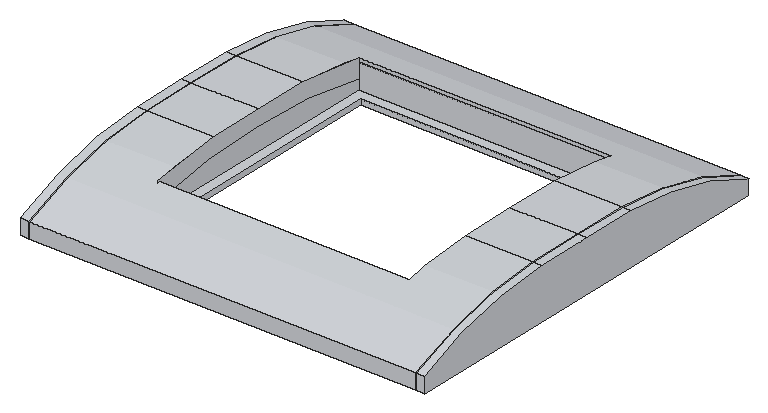
Revit family "Gira_021181", category Electrical Fixtures, host Face, Revit 2017
Family settings
  Host = Face
  Maintain Annotation Orientation = No
  Round Connector Dimension = Use Diameter
  Part Type = Normal
  Cut with Voids When Loaded = No
  Shared = No
  Room Calculation Point = No
Parameters (values of type "Cov.fr. 1-g interm.fr. CAl Gira Event anthra.")
  With mounting grid = "No"
  With hinged lid = "No"
  URL = "http://katalog.gira.de/en/datenblatt.html?artikelnr=021181"
  Type of fastening = "Clamp mounting"
  Transparent = "No"
  Surface protection = "Other"
  Suitable for wall duct = "No"
  Suitable for flush-mounted installation = "Yes"
  Suitable for floor box = "No"
  Suitable for built-in installation = "No"
  Number of units vertical = "1"
  Number of units horizontal = "1"
  Number of units = "1"
  Name = "Cov.fr. 1-g interm.fr. CAl Gira Event anthra."
  Mounting direction = "Horizontal and vertical"
  Material quality = "Thermoplastic"
  Material = "Plastic"
  Manufacturer URL = "https://www.gira.de/"
  Manufacturer = "Gira"
  Label space/information surface = "No"
  Keynote = ""
  HeinzeBIM = "https://bimportal.heinze.de/bim/cov-fr-1-g-interm-fr-cal-gira-event-anthra-/a46dd31be99142b111363a6503e4e1d2543618ad"
  Halogen free = "Yes"
  HAN = "021181"
  GTIN = "4010337211815"
  Description = "Cov.fr.1g i.fr.CAl Event AN,Gira Event frames,anthracite with colour aluminium intermediate frame,1-gang,Features:,- Shatter-proof."
  Degree of protection (IP) = "IP20"
  Default Elevation = 1219.2 mm
  Data sheet (1) = "https://katalog.gira.de/en/download.html?artikelnr=021181"
  Colour = "Anthracite"
  Category = "Cover frame for domestic switching devices"
  BIM (1) = "https://media.stage.bim.site/public/gira/36a6b08/Event_Rahmen_1fach.rfa"
  Available = "No"
Reference planes
  plane 1 "Center (Front/Back)": y = 0
  plane 2: z = 0
  plane 3 "Center (Left/Right)": x = 0
Forms (mm)
  Extrusion 1, solid, detail levels fine
    sketch origin (0, 0, 1.55) x (0, 1, 0) y (0, 0, 1)
      loop
        arc (12.445, 9.683) -> (6.223, 9.833) -> (0, 9.85) r 291.636
        arc (0, 9.85) -> (-6.223, 9.833) -> (-12.445, 9.683) r 291.636
        arc (-12.445, 9.683) -> (-29.14, 7.482) -> (-45, 1.823) r 79.728
        line (-45, 1.823) -> (-45, -1.55) -> (-41.777, -1.55) -> (-41.777, -0.55)
        arc (-41.777, -0.55) -> (-21.205, 4.846) -> (0, 6.467) r 118.15
        arc (0, 6.467) -> (21.205, 4.846) -> (41.777, -0.55) r 118.15
        line (41.777, -0.55) -> (41.777, -1.55) -> (45, -1.55) -> (45, 1.823)
        arc (45, 1.823) -> (29.14, 7.482) -> (12.445, 9.683) r 79.728
    from -43 to 43
  Extrusion 2, void, detail levels fine
    sketch origin (0, 0, 0) x (1, 0, 0) y (0, 1, 0)
      loop
        line (-28, -28) -> (28, -28) -> (28, 28) -> (-28, 28) -> (-28, -28)
    from 2.85 to 12
  Extrusion 3, solid, detail levels coarse
    sketch origin (0, 0, 0) x (1, 0, 0) y (0, 1, 0)
      loop
        line (-45, 45) -> (-45, -45) -> (45, -45) -> (45, 45) -> (-45, 45)
    from 0 to 11.4
  Extrusion 4, solid, detail levels medium
    sketch origin (0, 0, 1.55) x (0, 1, 0) y (0, 0, 1)
      loop
        arc (12.445, 9.683) -> (6.223, 9.833) -> (0, 9.85) r 291.636
        arc (0, 9.85) -> (-6.223, 9.833) -> (-12.445, 9.683) r 291.636
        arc (-12.445, 9.683) -> (-29.14, 7.482) -> (-45, 1.823) r 79.728
        line (-45, 1.823) -> (-45, -1.55) -> (45, -1.55) -> (45, 1.823)
        arc (45, 1.823) -> (29.14, 7.482) -> (12.445, 9.683) r 79.728
    from -45 to 45
  Extrusion 5, solid, detail levels fine
    sketch origin (0, 0, 0) x (0, 1, 0) y (0, 0, 1)
      loop
        arc (45, 3.373) -> (29.14, 9.032) -> (12.445, 11.233) r 79.728
        arc (12.445, 11.233) -> (6.223, 11.383) -> (0, 11.4) r 291.636
        arc (0, 11.4) -> (-6.223, 11.383) -> (-12.445, 11.233) r 291.636
        arc (-12.445, 11.233) -> (-29.14, 9.032) -> (-45, 3.373) r 79.728
        line (-45, 3.373) -> (-45, 0) -> (45, 0) -> (45, 3.373)
    from 43 to 45
  Extrusion 6, solid, detail levels fine
    sketch origin (0, 0, 0) x (0, 1, 0) y (0, 0, -1)
      loop
        line (45, -3.373) -> (45, 0) -> (-45, 0) -> (-45, -3.373)
        arc (-45, -3.373) -> (-29.14, -9.032) -> (-12.445, -11.233) r 79.728
        arc (-12.445, -11.233) -> (-6.223, -11.383) -> (0, -11.4) r 291.636
        arc (0, -11.4) -> (6.223, -11.383) -> (12.445, -11.233) r 291.636
        arc (12.445, -11.233) -> (29.14, -9.032) -> (45, -3.373) r 79.728
    from 43 to 45
  Extrusion 7, solid, detail levels fine
    sketch origin (0, 0, 0) x (1, 0, 0) y (0, 1, 0)
      loop
        line (-25.7, 25.7) -> (-25.7, -25.7) -> (25.7, -25.7) -> (25.7, 25.7) -> (-25.7, 25.7)
      loop
        line (-29.495, 27.895) -> (-29.495, -27.895)
        spline (-29.495, -27.895) -> (-29.486, -28.025) -> (-29.461, -28.154) -> (-29.419, -28.278) -> (-29.361, -28.395) -> (-29.288, -28.504) -> (-29.202, -28.602) -> (-29.104, -28.688) -> (-28.995, -28.761) -> (-28.878, -28.819) -> (-28.754, -28.861) -> (-28.625, -28.886) -> (-28.495, -28.895)
        line (-28.495, -28.895) -> (28.495, -28.895)
        spline (28.495, -28.895) -> (28.625, -28.886) -> (28.754, -28.861) -> (28.878, -28.819) -> (28.995, -28.761) -> (29.104, -28.688) -> (29.202, -28.602) -> (29.288, -28.504) -> (29.361, -28.395) -> (29.419, -28.278) -> (29.461, -28.154) -> (29.486, -28.025) -> (29.495, -27.895)
        line (29.495, -27.895) -> (29.495, 27.895)
        spline (29.495, 27.895) -> (29.486, 28.025) -> (29.461, 28.154) -> (29.419, 28.278) -> (29.361, 28.395) -> (29.288, 28.504) -> (29.202, 28.602) -> (29.104, 28.688) -> (28.995, 28.761) -> (28.878, 28.819) -> (28.754, 28.861) -> (28.625, 28.886) -> (28.495, 28.895)
        line (28.495, 28.895) -> (-28.495, 28.895)
        spline (-28.495, 28.895) -> (-28.625, 28.886) -> (-28.754, 28.861) -> (-28.878, 28.819) -> (-28.995, 28.761) -> (-29.104, 28.688) -> (-29.202, 28.602) -> (-29.288, 28.504) -> (-29.361, 28.395) -> (-29.419, 28.278) -> (-29.461, 28.154) -> (-29.486, 28.025) -> (-29.495, 27.895)
    from 1.673 to 8.5
Cuts and joins
  Extrusion 2 cuts Extrusion 1
  Extrusion 2 cuts Extrusion 7
Dimensions and locks
  aligned and locked: plane 2 to host face
  aligned and locked: level to host face
